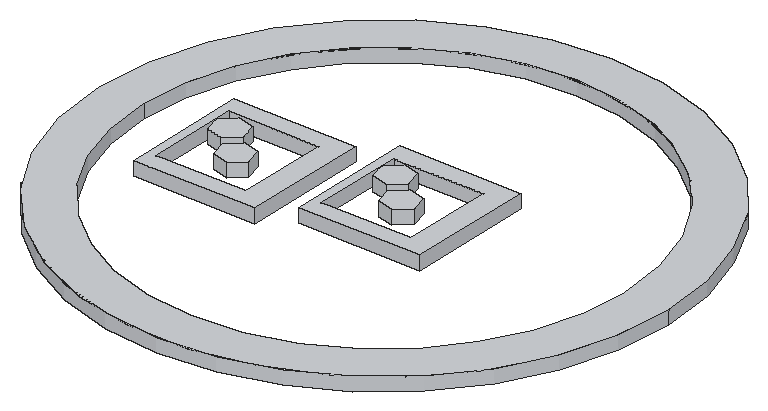
Revit family "Семейство не общее 2", category Обобщенные модели, Revit 2017
Family settings
  Может служить основой для арматурных стержней = Нет
  Размер круглого соединителя = Использовать диаметр
  Тип детали = Нормальный
  На основе рабочей плоскости = Нет
  Всегда вертикально = Да
  При загрузке вырезать с полостями = Нет
  Общий = Нет
  Точка расчета площади = Нет
Reference planes
  plane 1 "По центру (Вперед/Назад)": y = 0
  plane 2: z = 0
  plane 3 "По центру (Влево/Вправо)": x = 0
Forms (mm)
  Extrusion 1, solid
    sketch origin (0, 0, 0) x (1, 0, 0) y (0, 1, 0)
      loop
        circle (0, 0) r 4400
      loop
        circle (0, 0) r 5200
    from 0 to 250
Dimensions and locks
  aligned and locked: level to plane 2
Nested families
  nested 1: "Семейство не общее" at (300, 0, 0), type "Семейство не общее"
  nested 2: "Семейство общее" at (220, 110.352, 0), type "Семейство общее"
  nested 3: "Семейство общее" at (-300, 630.352, 0), type "Семейство общее"
  nested 4: "Семейство не общее" at (-2400, -400, 0), type "Семейство не общее"
  nested 5: "Семейство общее" at (-2480, -289.648, 0), type "Семейство общее"
  nested 6: "Семейство общее" at (-3000, 230.352, 0), type "Семейство общее"
Definition of nested family "Семейство не общее"
  Reference planes
    plane 1 "По центру (Вперед/Назад)": y = 0
    plane 2: z = 0
    plane 3 "По центру (Влево/Вправо)": x = 0
  Forms (mm)
    Extrusion 1, solid
      sketch origin (0, 0, 0) x (1, 0, 0) y (0, 1, 0)
        loop
          line (-917.11, 990.352) -> (-917.11, -669.648) -> (722.89, -669.648) -> (722.89, 990.352) -> (-917.11, 990.352)
        loop
          line (-1082.7, 1321.53) -> (-1082.7, -978.47) -> (1137.3, -978.47) -> (1137.3, 1321.53) -> (-1082.7, 1321.53)
      from 0 to 250
  Dimensions and locks
    aligned and locked: level to plane 2
  Nested families
    nested 1: "Семейство общее" at (-80, 110.352, 0), type "Семейство общее"
    nested 2: "Семейство общее" at (-600, 630.352, 0), type "Семейство общее"
  Definition of nested family "Семейство общее"
    Reference planes
      plane 1 "По центру (Вперед/Назад)": y = 0
      plane 2: z = 0
      plane 3 "По центру (Влево/Вправо)": x = 0
    Forms (mm)
      Extrusion 1, solid
        sketch origin (0, 0, 0) x (1, 0, 0) y (0, 1, 0)
          loop
            line (226.274, 226.274) -> (-82.822, 309.096) -> (-309.096, 82.822) -> (-226.274, -226.274) -> (82.822, -309.096) -> (309.096, -82.822) -> (226.274, 226.274)
        from 0 to 250
    Dimensions and locks
      aligned and locked: level to plane 2
Definition of nested family "Семейство общее"
  Reference planes
    plane 1 "По центру (Вперед/Назад)": y = 0
    plane 2: z = 0
    plane 3 "По центру (Влево/Вправо)": x = 0
  Forms (mm)
    Extrusion 1, solid
      sketch origin (0, 0, 0) x (1, 0, 0) y (0, 1, 0)
        loop
          line (226.274, 226.274) -> (-82.822, 309.096) -> (-309.096, 82.822) -> (-226.274, -226.274) -> (82.822, -309.096) -> (309.096, -82.822) -> (226.274, 226.274)
      from 0 to 250
  Dimensions and locks
    aligned and locked: level to plane 2
